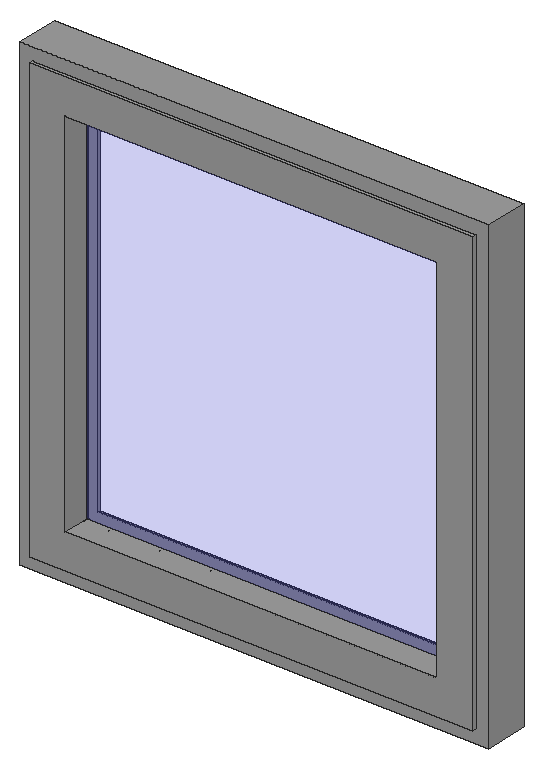
Revit family "3375 IP001_v02", category Windows, host Wall, Revit 2015
Parameters
  Wall Thickness [instance] = 0' - 6"
  URL = "obe.com"
  Rough Width = Width + 0' 0 1/2"  # 3' - 0 1/2"
  Rough Height = Height + 0' 0 1/2"  # 3' - 0 1/2"
  Offset Limitation [instance] = if((Offset + 0' 3 3/8") > Wall Thickness, (Wall Thickness - 0' 3 3/8"), Offset)  # 0' - 0"
  Offset [instance] = 0' - 0"
  Model = "3375 IP001"
  Manufacturer = "Oldcastle BuildingEnvelope®\r\nⓇ"
  Keynote = "08 51 00"
  Height = 3' - 0"
  Glass Material = Glass
  Gasket Material = Gasket
  Frame Material = Aluminum
  Description = "SIGNATURE SERIES 3375"
  Default Sill Height = 3' - 0"
  Wall Closure = By host
  Width = 3' - 0"
  Assembly Code = "B2020"
Reference planes (in)
  plane 1 "Center (Front/Back)": y = 0
  plane 2: z = 0
  plane 3 "Center (Left/Right)": x = 0
  plane 4 "Left": x = -18.25
  plane 5 "Right": x = 18.25
  plane 6 "Sill": z = 36
  plane 7 "Top": z = 72.5
  plane 8: x = 18
  plane 9: x = -18
  plane 10: z = 72.25
  plane 11: z = 36.25
  plane 12 "Offset": y = 3
  plane 13: z = 38.92815
  plane 14: z = 69.57185
  plane 15 "INT": y = 1.51
Forms (in)
  Sweep 1, solid, material "Aluminum" <- "Frame Material"
    path origin (0, 3, 0) x (1, 0, 0) y (0, 0, 1)
      loop
        line (-18, 72.5) -> (-18, 36)
    profile origin (-18, 3, 54.25) x (0, -1, 0) y (1, 0, 0)
      loop
        line (0, -0.25) -> (3.375, -0.25) -> (3.375, 1) -> (0.07, 1) -> (0.07, 2) -> (0, 2) -> (0, -0.25)
  Sweep 2, solid, material "Aluminum" <- "Frame Material"
    path origin (0, 3, 0) x (1, 0, 0) y (0, 0, 1)
      loop
        line (18, 72.5) -> (18, 36)
    profile origin (18, 3, 54.25) x (0, -1, 0) y (1, 0, 0)
      loop
        line (0, 0.25) -> (0, -2) -> (0.07, -2) -> (0.07, -1) -> (3.375, -1) -> (3.375, 0.25) -> (0, 0.25)
  Sweep 3, solid, material "Aluminum" <- "Frame Material"
    path origin (0, 3, 0) x (1, 0, 0) y (0, 0, 1)
      loop
        line (18.25, 72.25) -> (-18.25, 72.25)
    profile origin (0, 3, 72.25) x (0, 0, -1) y (0, -1, 0)
      loop
        line (-0.25, 0) -> (2, 0) -> (2, 0.07) -> (1, 0.07) -> (1, 3.375) -> (-0.25, 3.375) -> (-0.25, 0)
  Sweep 4, solid, material "Aluminum" <- "Frame Material"
    path origin (0, 3, 0) x (1, 0, 0) y (0, 0, 1)
      loop
        line (18.25, 36.25) -> (-18.25, 36.25)
    profile origin (0, 3, 36.25) x (0, 0, -1) y (0, -1, 0)
      loop
        line (0.25, 0) -> (0.25, 3.375) -> (-1, 3.375) -> (-1, 0.07) -> (-2, 0.07) -> (-2, 0) -> (0.25, 0)
  Extrusion 5, solid, material "Glass" <- "Glass Material"
    sketch origin (0, 0, 36) x (0, -1, 0) y (1, 0, 0)
      loop
        line (-2.51, -15.32185) -> (-1.51, -15.32185) -> (-1.51, 15.32185) -> (-2.51, 15.32185) -> (-2.51, -15.32185)
    from 2.92815 to 33.57185
  Sweep 6, solid, material "Gasket" <- "Gasket Material", detail levels fine
    path origin (0, 3, 0) x (1, 0, 0) y (0, 0, 1)
      loop
        line (-14.5, 68.75) -> (-14.5, 39.75) -> (14.5, 39.75) -> (14.5, 68.75) -> (-14.5, 68.75)
    profile origin (0, 3, 68.75) x (0, 0, 1) y (0, -1, 0)
      loop
        line (0.24601, 1.615) -> (0.10771, 1.615)
        arc (0.10771, 1.615) -> (0.06234, 1.55084) -> (0.11208, 1.49) r 0.06489
        line (0.11208, 1.49) -> (0.23764, 1.49)
        arc (0.23764, 1.49) -> (0.2875, 1.54944) -> (0.24601, 1.615) r 0.06575
  Sweep 7, solid, material "Aluminum" <- "Frame Material"
    path origin (0, 3, 0) x (1, 0, 0) y (0, 0, 1)
      loop
        line (17.24054, 72.5) -> (-17.24054, 72.5)
    profile origin (0, 3, 72.5) x (0, 0, -1) y (0, -1, 0)
      loop
        line (2.375, 0.11312) -> (2.375, 0) -> (2.67815, 0) -> (2.67815, 0.33) -> (3.75, 0.33) -> (3.75, 0.49) -> (2.92815, 0.49) -> (2.92815, 1.6135) -> (3.75, 1.6135) -> (3.75, 3.705) -> (1.00946, 3.705) -> (1.00946, 3.375) -> (1.71812, 3.375) -> (1.71812, 0.11312) -> (2.375, 0.11312)
  Sweep 8, solid, material "Aluminum" <- "Frame Material"
    path origin (0, 3, 0) x (1, 0, 0) y (0, 0, 1)
      loop
        line (17.24054, 36) -> (-17.24054, 36)
    profile origin (0, 3, 36) x (0, 0, -1) y (0, -1, 0)
      loop
        line (-3.75, 0.33) -> (-2.67815, 0.33) -> (-2.67815, 0) -> (-2.375, 0) -> (-2.375, 0.11312) -> (-1.71812, 0.11312) -> (-1.71812, 3.375) -> (-1.00946, 3.375) -> (-1.00946, 3.705) -> (-3.75, 3.705) -> (-3.75, 1.615) -> (-2.92815, 1.615) -> (-2.92815, 0.49) -> (-3.75, 0.49) -> (-3.75, 0.33)
  Sweep 9, solid, material "Aluminum" <- "Frame Material"
    path origin (0, 3, 0) x (1, 0, 0) y (0, 0, 1)
      loop
        line (-18, 71.49054) -> (-18, 37.71812)
    profile origin (-18, 3, 54.60433) x (0, -1, 0) y (1, 0, 0)
      loop
        line (3.705, 3.5) -> (1.615, 3.5) -> (1.615, 2.67815) -> (0.49, 2.67815) -> (0.49, 3.5) -> (0.33, 3.5) -> (0.33, 2.42815) -> (0, 2.42815) -> (0, 2.125) -> (0.11312, 2.125) -> (0.11312, 1.46812) -> (3.375, 1.46812) -> (3.375, 0.75946) -> (3.705, 0.75946) -> (3.705, 3.5)
  Sweep 10, solid, material "Aluminum" <- "Frame Material"
    path origin (0, 3, 0) x (1, 0, 0) y (0, 0, 1)
      loop
        line (18, 71.49054) -> (18, 37.71812)
    profile origin (18, 3, 54.60433) x (0, -1, 0) y (1, 0, 0)
      loop
        line (1.615, -3.5) -> (3.705, -3.5) -> (3.705, -0.75946) -> (3.375, -0.75946) -> (3.375, -1.46812) -> (0.11312, -1.46812) -> (0.11312, -2.125) -> (0, -2.125) -> (0, -2.42815) -> (0.33, -2.42815) -> (0.33, -3.5) -> (0.49, -3.5) -> (0.49, -2.67815) -> (1.615, -2.67815) -> (1.615, -3.5)
  Sweep 11, void
    path origin (0, 3, 0) x (1, 0, 0) y (0, 0, 1)
      loop
        line (-18, 70.125) -> (-18, 38.375)
    profile origin (-18, 3, 54.25) x (0, -1, 0) y (1, 0, 0)
      loop
        line (0, 2) -> (0.11312, 2) -> (0.11312, 2.125) -> (0, 2.125) -> (0, 2)
  Sweep 12, void
    path origin (0, 3, 0) x (1, 0, 0) y (0, 0, 1)
      loop
        line (15.875, 36.25) -> (-15.875, 36.25)
    profile origin (0, 3, 36.25) x (0, 0, -1) y (0, -1, 0)
      loop
        line (-2, 0) -> (-2, 0.11312) -> (-2.125, 0.11312) -> (-2.125, 0) -> (-2, 0)
  Sweep 13, void
    path origin (0, 3, 0) x (1, 0, 0) y (0, 0, 1)
      loop
        line (18, 38.375) -> (18, 70.125)
    profile origin (18, 3, 54.25) x (-1, 0, 0) y (0, -1, 0)
      loop
        line (2, 0) -> (2.125, 0) -> (2.125, 0.11312) -> (2, 0.11312) -> (2, 0)
  Sweep 14, void
    path origin (0, 3, 0) x (1, 0, 0) y (0, 0, 1)
      loop
        line (16, 72.25) -> (-16, 72.25)
    profile origin (0, 3, 72.25) x (0, 0, -1) y (0, -1, 0)
      loop
        line (2, 0) -> (2.125, 0) -> (2.125, 0.11312) -> (2, 0.11312) -> (2, 0)
Cuts and joins
  Sweep 11, Sweep 12, Sweep 13, Sweep 14 cuts Sweep 1
  Sweep 11, Sweep 12, Sweep 13, Sweep 14 cuts Sweep 2
  Sweep 11, Sweep 12, Sweep 13, Sweep 14 cuts Sweep 3
  Sweep 11, Sweep 12, Sweep 13, Sweep 14 cuts Sweep 4
  Sweep 11, Sweep 12, Sweep 13, Sweep 14 cuts Sweep 7
  Sweep 11, Sweep 12, Sweep 13, Sweep 14 cuts Sweep 8
  Sweep 11, Sweep 12, Sweep 13, Sweep 14 cuts Sweep 9
  Sweep 11, Sweep 12, Sweep 13, Sweep 14 cuts Sweep 10
  joined: Sweep 1, Sweep 2, Sweep 3, Sweep 4, Sweep 7, Sweep 8, Sweep 9, Sweep 10
Lines and regions (in)
  Opening 1
    outline origin (-60, -3, 0) x (1, 0, 0) y (0, 0, 1)
      loop
        line (41.75, 72.5) -> (41.75, 36) -> (78.25, 36) -> (78.25, 72.5) -> (41.75, 72.5)
  model lines, style "Opening Direction"
    curve 1: line (14.5, 1.51, 68.75) -> (0, 1.51, 39.75)
    curve 2: line (0, 1.51, 39.75) -> (-14.5, 1.51, 68.75)
Text (in)
  text "EXTERIOR" at (-58.6888, 50.90694, 0), in view "Ref. Level"
  text "INTERIOR" at (-58.6888, -37.76638, 0), in view "Ref. Level"
  text "Exterior" at (0, 43.65631, 123.19604), in view "Left"
  text "Exterior" at (0, 18.29385, 125.04747), in view "Right"
  text "Min Operable Size\n\n18\" width x 22\" height\n\n\n\nMax Operable Size\n\n72\" x 48\"\n\n\n\nMax Operable Area\n\n20 square feet" at (125.54858, 73.50639, 0), in view "Ref. Level"
Dimensions and locks (in)
  equal spacing: plane 4 "Left", plane 3 "Center (Left/Right)", plane 5 "Right"
  "Rough Height": plane 6 "Sill" to plane 7 "Top"
  "Default Sill Height": plane 2 to plane 6 "Sill"
  locked: plane 6 "Sill" to plane 11 at 0.25
  locked: plane 8 to plane 5 "Right" at 0.25
  "Height": plane 11 to plane 10
  "Offset Limitation": plane 12 "Offset" to host wall
  "Wall Thickness": host wall to host wall
  "Width": plane 9 to plane 8
  "Rough Width": plane 4 "Left" to plane 5 "Right"
  Extrusion 5 sketch curve to Extrusion 5 sketch curve to plane 12 "Offset" = 0' - 1" locked, 0' - 0.49" locked
  locked: plane 10 to plane 14 at 2.67815
  locked: plane 13 to plane 11 at 2.67815
  locked: plane 15 "INT" to plane 12 "Offset" at 1.49
  aligned and locked: plane 7 "Top" to Opening 1 sketch curve
  aligned and locked: plane 6 "Sill" to Opening 1 sketch curve  (x2)
  aligned and locked: plane 5 "Right" to Opening 1 sketch curve
  aligned and locked: plane 4 "Left" to Opening 1 sketch curve
  aligned and locked: level to plane 2
  aligned and locked: plane 11 to nested 2
  aligned and locked: Sweep 2 sketch curve to plane 8
  aligned and locked: Sweep 1 sketch curve to plane 9
  aligned and locked: plane 10 to Sweep 3 sketch curve
  aligned and locked: plane 11 to Sweep 4 sketch curve
  aligned and locked: Extrusion 5 to plane 13
  aligned and locked: plane 14 to Extrusion 5
  aligned and locked: plane 3 "Center (Left/Right)" to nested 2
  aligned and locked: plane 12 "Offset" to nested 2
  aligned and locked: plane 3 "Center (Left/Right)" to nested 1
  aligned and locked: plane 12 "Offset" to nested 1
  aligned and locked: plane 7 "Top" to Sweep 7 sketch curve
  aligned and locked: Sweep 9 sketch curve to plane 9
  aligned and locked: Sweep 10 sketch curve to plane 8
  aligned and locked: Sweep 11 sketch curve to plane 9
  aligned and locked: plane 11 to Sweep 12 sketch curve
  aligned and locked: plane 8 to Sweep 13 sketch curve
  aligned and locked: plane 10 to Sweep 14 sketch curve
  aligned and locked: plane 3 "Center (Left/Right)" to curve 1
Automatic sketch dimensions
  Sweep 1 sketch curve to plane 6 "Sill" = 0' - 0"
  Sweep 1 sketch curve to plane 7 "Top" = 0' - 0"
  plane 12 "Offset" to Sweep 1 sketch curve = 0' - 0"
  profile plane to Sweep 1 sketch curve = 0' - 0 1/4"
  Sweep 2 sketch curve to plane 6 "Sill" = 0' - 0"
  Sweep 2 sketch curve to plane 7 "Top" = 0' - 0"
  profile plane to Sweep 2 sketch curve = 0' - 2"
  Sweep 2 sketch curve to profile plane = 0' - 0 1/4"
  plane 4 "Left" to Sweep 3 sketch curve = 0' - 0"
  plane 5 "Right" to Sweep 3 sketch curve = 0' - 0"
  profile plane to Sweep 3 sketch curve = 0' - 0 1/4"
  plane 4 "Left" to Sweep 4 sketch curve = 0' - 0"
  plane 5 "Right" to Sweep 4 sketch curve = 0' - 0"
  Extrusion 5 sketch curve to plane 9 = 0' - 2.67815"
  plane 8 to Extrusion 5 sketch curve = 0' - 2.67815"
  plane 13 to Sweep 6 sketch curve = 0' - 0.82185"
  Sweep 6 sketch curve to plane 9 = 0' - 3 1/2"
  plane 8 to Sweep 6 sketch curve = 0' - 3 1/2"
  Sweep 6 sketch curve to plane 14 = 0' - 0.82185"
  Sweep 6 sketch curve to profile plane = 0' - 0.11208"
  Sweep 6 sketch curve to Sweep 6 sketch curve = 0' - 0.01512"
  Sweep 6 sketch curve to Sweep 6 sketch curve = 0' - 0.0947"
  Sweep 6 sketch curve to Sweep 6 sketch curve = 0' - 0.01575"
  plane 12 "Offset" to Sweep 6 sketch curve = 0' - 1.49"
  Sweep 6 sketch curve to Sweep 6 sketch curve = 0' - 0.0631"
  Sweep 6 sketch curve to Sweep 6 sketch curve = 0' - 0.01948"
  Sweep 6 sketch curve to Sweep 6 sketch curve = 0' - 0.02412"
  plane 12 "Offset" to Sweep 2 sketch curve = 0' - 0.07"
  Sweep 2 sketch curve to Sweep 2 sketch curve = 0' - 3.305"
  profile plane to Sweep 2 sketch curve = 0' - 1"
  plane 12 "Offset" to Sweep 2 sketch curve = 0' - 0"
  plane 12 "Offset" to Sweep 1 sketch curve = 0' - 0.07"
  Sweep 1 sketch curve to profile plane = 0' - 1"
  Sweep 1 sketch curve to Sweep 1 sketch curve = 0' - 1"
  Sweep 1 sketch curve to Sweep 1 sketch curve = 0' - 3.305"
  Sweep 3 sketch curve to profile plane = 0' - 1"
  plane 12 "Offset" to Sweep 3 sketch curve = 0' - 0.07"
  Sweep 3 sketch curve to Sweep 3 sketch curve = 0' - 3.305"
  Sweep 3 sketch curve to plane 12 "Offset" = 0' - 0"
  Sweep 3 sketch curve to Sweep 3 sketch curve = 0' - 1"
  Sweep 7 sketch curve to plane 9 = 0' - 0.75946"
  plane 8 to Sweep 7 sketch curve = 0' - 0.75946"
  Sweep 7 sketch curve to plane 12 "Offset" = 0' - 0"
  Sweep 7 sketch curve to profile plane = 0' - 1.00946"
  Sweep 7 sketch curve to Sweep 7 sketch curve = 0' - 0.70866"
  Sweep 7 sketch curve to Sweep 7 sketch curve = 0' - 0.65688"
  Sweep 7 sketch curve to Sweep 7 sketch curve = 0' - 0.30315"
  Sweep 7 sketch curve to Sweep 7 sketch curve = 0' - 0 1/4"
  Sweep 7 sketch curve to Sweep 7 sketch curve = 0' - 0.82185"  (x2)
  plane 12 "Offset" to Sweep 7 sketch curve = 0' - 0.33"
  plane 12 "Offset" to Sweep 7 sketch curve = 0' - 0.11312"
  Sweep 7 sketch curve to Sweep 7 sketch curve = 0' - 0.16"
  Sweep 7 sketch curve to Sweep 7 sketch curve = 0' - 1.1235"
  Sweep 7 sketch curve to Sweep 7 sketch curve = 0' - 1.7615"
  Sweep 7 sketch curve to Sweep 7 sketch curve = 0' - 0.33"
  Sweep 8 sketch curve to plane 4 "Left" = 0' - 1.00946"
  plane 5 "Right" to Sweep 8 sketch curve = 0' - 1.00946"
  Sweep 8 sketch curve to plane 6 "Sill" = 0' - 0"
  plane 12 "Offset" to Sweep 8 sketch curve = 0' - 0.33"
  Sweep 8 sketch curve to Sweep 8 sketch curve = 0' - 0"
  Sweep 8 sketch curve to Sweep 8 sketch curve = 0' - 0.82185"
  Sweep 8 sketch curve to Sweep 8 sketch curve = 0' - 0 1/4"
  profile plane to Sweep 8 sketch curve = 0' - 1.71812"
  Sweep 8 sketch curve to Sweep 8 sketch curve = 0' - 0.70866"
  Sweep 8 sketch curve to Sweep 8 sketch curve = 0' - 0.16"
  Sweep 8 sketch curve to Sweep 8 sketch curve = 0' - 1 1/8"
  Sweep 8 sketch curve to Sweep 8 sketch curve = 0' - 1.76"
  Sweep 8 sketch curve to Sweep 8 sketch curve = 0' - 0.33"
  Sweep 8 sketch curve to Sweep 8 sketch curve = 0' - 0.30315"
  profile plane to Sweep 8 sketch curve = 0' - 2 3/8"
  Sweep 8 sketch curve to Sweep 8 sketch curve = 0' - 0.11312"
  Sweep 8 sketch curve to plane 12 "Offset" = 0' - 0"
  Sweep 4 sketch curve to plane 12 "Offset" = 0' - 0"
  profile plane to Sweep 4 sketch curve = 0' - 2"
  plane 12 "Offset" to Sweep 4 sketch curve = 0' - 0.07"
  profile plane to Sweep 4 sketch curve = 0' - 1"
  Sweep 4 sketch curve to profile plane = 0' - 0 1/4"
  Sweep 4 sketch curve to Sweep 4 sketch curve = 0' - 3.305"
  Sweep 9 sketch curve to plane 13 = 0' - 1.21003"
  plane 10 to Sweep 9 sketch curve = 0' - 0.75946"
  plane 12 "Offset" to Sweep 9 sketch curve = 0' - 0"
  plane 12 "Offset" to Sweep 9 sketch curve = 0' - 0.11312"
  Sweep 9 sketch curve to Sweep 9 sketch curve = 0' - 0.33"  (x2)
  Sweep 9 sketch curve to Sweep 9 sketch curve = 0' - 0.16"
  Sweep 9 sketch curve to Sweep 9 sketch curve = 0' - 1 1/8"
  Sweep 9 sketch curve to profile plane = 0' - 0.75946"
  Sweep 9 sketch curve to Sweep 9 sketch curve = 0' - 1.76"
  Sweep 9 sketch curve to Sweep 9 sketch curve = 0' - 0.70866"
  Sweep 9 sketch curve to Sweep 9 sketch curve = 0' - 0.65688"
  Sweep 9 sketch curve to Sweep 9 sketch curve = 0' - 0.30315"
  Sweep 9 sketch curve to Sweep 9 sketch curve = 0' - 0 1/4"
  Sweep 9 sketch curve to Sweep 9 sketch curve = 0' - 0.82185"  (x2)
  Sweep 10 sketch curve to plane 13 = 0' - 1.21003"
  plane 10 to Sweep 10 sketch curve = 0' - 0.75946"
  plane 12 "Offset" to Sweep 10 sketch curve = 0' - 0"
  plane 12 "Offset" to Sweep 10 sketch curve = 0' - 0.11312"
  Sweep 10 sketch curve to Sweep 10 sketch curve = 0' - 0.33"  (x2)
  Sweep 10 sketch curve to Sweep 10 sketch curve = 0' - 0.16"
  Sweep 10 sketch curve to Sweep 10 sketch curve = 0' - 1 1/8"
  profile plane to Sweep 10 sketch curve = 0' - 0.75946"
  Sweep 10 sketch curve to Sweep 10 sketch curve = 0' - 1.76"
  profile plane to Sweep 10 sketch curve = 0' - 1.46812"
  Sweep 10 sketch curve to Sweep 10 sketch curve = 0' - 0.65688"
  Sweep 10 sketch curve to Sweep 10 sketch curve = 0' - 0.30315"
  Sweep 10 sketch curve to Sweep 10 sketch curve = 0' - 0 1/4"
  Sweep 10 sketch curve to Sweep 10 sketch curve = 0' - 0.82185"  (x2)
  plane 12 "Offset" to Sweep 11 sketch curve = 0' - 0"
  plane 12 "Offset" to Sweep 11 sketch curve = 0' - 0.11312"
  Sweep 11 sketch curve to profile plane = 0' - 2"
  Sweep 11 sketch curve to Sweep 11 sketch curve = 0' - 0 1/8"
  Sweep 11 sketch curve to plane 13 = 0' - 0.55315"
  plane 14 to Sweep 11 sketch curve = 0' - 0.55315"
  Sweep 12 sketch curve to plane 9 = 0' - 2 1/8"
  plane 8 to Sweep 12 sketch curve = 0' - 2 1/8"
  Sweep 12 sketch curve to plane 12 "Offset" = 0' - 0"
  profile plane to Sweep 12 sketch curve = 0' - 2 1/8"
  Sweep 12 sketch curve to Sweep 12 sketch curve = 0' - 0 1/8"
  plane 12 "Offset" to Sweep 12 sketch curve = 0' - 0.11312"
  Sweep 13 sketch curve to plane 13 = 0' - 0.55315"
  plane 10 to Sweep 13 sketch curve = 0' - 2 1/8"
  plane 12 "Offset" to Sweep 13 sketch curve = 0' - 0"
  plane 12 "Offset" to Sweep 13 sketch curve = 0' - 0.11312"
  Sweep 13 sketch curve to profile plane = 0' - 2"
  Sweep 13 sketch curve to Sweep 13 sketch curve = 0' - 0 1/8"
  Sweep 14 sketch curve to plane 9 = 0' - 2"
  plane 8 to Sweep 14 sketch curve = 0' - 2"
  Sweep 14 sketch curve to plane 12 "Offset" = 0' - 0"
  plane 12 "Offset" to Sweep 14 sketch curve = 0' - 0.11312"
  Sweep 14 sketch curve to profile plane = 0' - 2"
  Sweep 14 sketch curve to Sweep 14 sketch curve = 0' - 0 1/8"
  plane 13 to curve 1 = 0' - 0.82185"
  curve 2 to plane 14 = 0' - 0.82185"
  curve 2 to plane 9 = 0' - 3 1/2"
  curve 1 to plane 14 = 0' - 0.82185"
  plane 8 to curve 1 = 0' - 3 1/2"
Nested families (in)
  nested 1: "S-3375 LAP-Plan View" at (0, 3, 0), Default Sill Height <- "Default Sill Height", Height <- "Height", Width <- "Width", type "S-3375 LAP-Plan View"
    with Width 3' - 0", Height 3' - 0", Default Sill Height 3' - 0"
  nested 2: "S-3375 LAP-Section Operable" at (0, 3, 0.25), Default Sill Height <- "Default Sill Height", Height <- "Height", Width <- "Width", type "S-3375 LAP-Section Operable"
    with Width 3' - 0", Height 3' - 0", Default Sill Height 3' - 0"
Definition of nested family "S-3375 LAP-Plan View"
  Parameters (values of type "S-3375 LAP-Plan View")
    Width [instance] = 3' - 0"
    Height [instance] = 4' - 0"
    Default Sill Height [instance] = 3' - 0"
    Analytic Construction = "<None>"
  Reference planes (in)
    plane 1 "Center (Front/Back)": y = 0
    plane 2: z = 0
    plane 3 "Center (Left/Right)": x = 0
    plane 4: z = 36
  Lines and regions (in)
    model lines, not visible
      curve 1: line (0, 0, 36) -> (0, 0, 84)
  Dimensions and locks (in)
    "Default Sill Height": plane 4 to plane 2
    "Height": plane 4 to curve 1
    aligned and locked: plane 2 to level
    aligned and locked: plane 3 "Center (Left/Right)" to nested 1
    aligned and locked: plane 1 "Center (Front/Back)" to nested 1
  Automatic sketch dimensions
    curve 1 to plane 1 "Center (Front/Back)" = 0' - 0"
    plane 4 to curve 1 = 0' - 0"
  Nested families (in)
    nested 1: "S-3375 LAP-Plan View" at (-12, 0, 0), Width <- "Width", type "S-3375 LAP-Plan View"
      with Width 3' - 0"
  Definition of nested family "S-3375 LAP-Plan View"
    Parameters (values of type "S-3375 LAP-Plan View")
      Width [instance] = 2' - 0"
    Reference planes (in)
      plane 1 "Center (Front/Back)": y = 0
      plane 2: z = 0
      plane 3 "C": x = 0
      plane 4: x = 24
      plane 5: x = 21.32185
      plane 6: x = 2.67815
      plane 7 "Center (Left/Right)": x = 12
    Lines and regions (in)
      detail lines, in view "Ref. Level"
        curve 1: line (21.32185, -0.49, 0) -> (2.67815, -0.49, 0)
        curve 2: line (2.67815, -1.49, 0) -> (21.32185, -1.49, 0)
    Dimensions and locks (in)
      "Width": plane 3 "C" to plane 4
      locked: plane 3 "C" to plane 6 at 2.67815
      locked: plane 5 to plane 4 at 2.67815
      equal spacing: plane 3 "C", plane 7 "Center (Left/Right)", plane 4
      aligned and locked: nested 1 to plane 4
      aligned and locked: nested 1 to plane 1 "Center (Front/Back)"
      aligned and locked: nested 2 to plane 3 "C"
      aligned and locked: nested 2 to plane 1 "Center (Front/Back)"
      aligned and locked: plane 5 to curve 2
      aligned and locked: plane 5 to curve 1
      aligned and locked: plane 6 to curve 1
      aligned and locked: plane 6 to curve 2
    Automatic sketch dimensions
      plane 1 "Center (Front/Back)" to curve 2 = 0' - 1.49"
      plane 1 "Center (Front/Back)" to curve 1 = 0' - 0.49"
    Nested families (in)
      nested 1: "S-3375 LAP-JAMB L" at (24, 0, 0) x (-1, 0, 0) z (0, 0, 1), type "S-3375 LAP-JAMB L", in view "Ref. Level"
      nested 2: "S-3375 LAP-JAMB R" at (0, 0, 0) x (-1, 0, 0) z (0, 0, 1), type "S-3375 LAP-JAMB R", in view "Ref. Level"
    Definition of nested family "S-3375 LAP-JAMB L"
      Reference planes (in)
        plane 1 "Center (Front/Back)": y = 0
        plane 2: z = 0
        plane 3 "Center (Left/Right)": x = 0
      Lines and regions (in)
        detail lines, in view "Ref. Level"
          curve 1: line (3.5, 3.705, 0) -> (0.75946, 3.705, 0)
          curve 2: line (0.75946, 3.705, 0) -> (0.75946, 3.375, 0)
          curve 3: line (0.75946, 3.375, 0) -> (-0.25, 3.375, 0)
          curve 4: line (-0.25, 3.375, 0) -> (-0.25, 0, 0)
          curve 5: line (-0.25, 0, 0) -> (2.42815, 0, 0)
          curve 6: line (2.42815, 0, 0) -> (2.42815, 0.33, 0)
          curve 7: line (2.42815, 0.33, 0) -> (3.5, 0.33, 0)
          curve 8: line (3.5, 0.33, 0) -> (3.5, 0.49, 0)
          curve 9: line (3.5, 0.49, 0) -> (2.67815, 0.49, 0)
          curve 10: line (2.67815, 0.49, 0) -> (2.67815, 1.49, 0)
          curve 11: line (2.67815, 1.49, 0) -> (3.5, 1.49, 0)
          curve 12: line (3.5, 1.49, 0) -> (3.5, 3.705, 0)
    Definition of nested family "S-3375 LAP-JAMB R"
      Reference planes (in)
        plane 1 "Center (Front/Back)": y = 0
        plane 2: z = 0
        plane 3 "Center (Left/Right)": x = 0
      Lines and regions (in)
        detail lines, in view "Ref. Level"
          curve 1: line (-3.5, 3.705, 0) -> (-0.75946, 3.705, 0)
          curve 2: line (-0.75946, 3.705, 0) -> (-0.75946, 3.375, 0)
          curve 3: line (-0.75946, 3.375, 0) -> (0.25, 3.375, 0)
          curve 4: line (0.25, 3.375, 0) -> (0.25, 0, 0)
          curve 5: line (0.25, 0, 0) -> (-2.42815, 0, 0)
          curve 6: line (-2.42815, 0, 0) -> (-2.42815, 0.33, 0)
          curve 7: line (-2.42815, 0.33, 0) -> (-3.5, 0.33, 0)
          curve 8: line (-3.5, 0.33, 0) -> (-3.5, 0.49, 0)
          curve 9: line (-3.5, 0.49, 0) -> (-2.67815, 0.49, 0)
          curve 10: line (-2.67815, 0.49, 0) -> (-2.67815, 1.49, 0)
          curve 11: line (-2.67815, 1.49, 0) -> (-3.5, 1.49, 0)
          curve 12: line (-3.5, 1.49, 0) -> (-3.5, 3.705, 0)
Definition of nested family "S-3375 LAP-Section Operable"
  Parameters (values of type "S-3375 LAP-Section Operable")
    Width [instance] = 3' - 0"
    Rough Width = 3' - 0"
    Height [instance] = 3' - 0"
    Default Sill Height [instance] = 3' - 0"
    Analytic Construction = "<None>"
  Reference planes (in)
    plane 1 "Center (Front/Back)": y = 0
    plane 2: z = 0
    plane 3 "Center (Left/Right)": x = 0
    plane 4: z = 36
  Lines and regions (in)
    model lines, not visible
      curve 1: line (-18, 0, 0) -> (18, 0, 0)
  Dimensions and locks (in)
    equal spacing: curve 1, plane 3 "Center (Left/Right)", curve 1
    "Width": curve 1 to curve 1
    "Default Sill Height": plane 4 to plane 2
    aligned and locked: plane 2 to level
    aligned and locked: plane 1 "Center (Front/Back)" to curve 1
    aligned and locked: nested 1 to plane 4
    aligned and locked: nested 1 to plane 1 "Center (Front/Back)"
  Nested families (in)
    nested 1: "S-3375 LAP-Section Operable" at (0, 0, 36) x (0, -1, 0) z (1, 0, 0), Height <- "Height", type "S-3375 LAP-Section Operable"
      with Height 3' - 0"
  Definition of nested family "S-3375 LAP-Section Operable"
    Parameters (values of type "S-3375 LAP-Section Operable")
      Height [instance] = 3' - 0"
    Reference planes (in)
      plane 1 "Center (Front/Back)": y = 0
      plane 2: z = 0
      plane 3 "Center (Left/Right)": x = 0
      plane 4: y = 36
      plane 5: y = 33.32185
      plane 6: y = 2.67815
    Lines and regions (in)
      detail lines, in view "Ref. Level"
        curve 1: line (0.49, 2.67815, 0) -> (0.49, 33.32185, 0)
        curve 2: line (1.49, 2.67815, 0) -> (1.49, 33.32185, 0)
    Dimensions and locks (in)
      "Height": plane 1 "Center (Front/Back)" to plane 4
      locked: plane 6 to plane 1 "Center (Front/Back)" at 2.67815
      locked: plane 4 to plane 5 at 2.67815
      aligned and locked: plane 1 "Center (Front/Back)" to nested 1
      aligned and locked: plane 3 "Center (Left/Right)" to nested 1
      aligned and locked: plane 3 "Center (Left/Right)" to nested 2
      aligned and locked: nested 2 to plane 4
      aligned and locked: plane 5 to curve 1
      aligned and locked: plane 5 to curve 2
      aligned and locked: plane 6 to curve 2
      aligned and locked: plane 6 to curve 1
    Automatic sketch dimensions
      plane 3 "Center (Left/Right)" to curve 1 = 0' - 0.49"
      plane 3 "Center (Left/Right)" to curve 2 = 0' - 1.49"
    Nested families (in)
      nested 1: "S-3375 LAP-SILL" at (0, 0, 0), type "S-3375 LAP-SILL", in view "Ref. Level"
      nested 2: "S-3375 LAP-HEAD" at (0, 36, 0), type "S-3375 LAP-HEAD", in view "Ref. Level"
    Definition of nested family "S-3375 LAP-SILL"
      Reference planes (in)
        plane 1 "Center (Front/Back)": y = 0
        plane 2: z = 0
        plane 3 "Center (Left/Right)": x = 0
      Lines and regions (in)
        detail lines, in view "Ref. Level"
          curve 1: line (3.705, 0.75946, 0) -> (3.705, 3.5, 0)
          curve 2: line (3.705, 3.5, 0) -> (1.49, 3.5, 0)
          curve 3: line (1.49, 3.5, 0) -> (1.49, 2.67815, 0)
          curve 4: line (1.49, 2.67815, 0) -> (0.49, 2.67815, 0)
          curve 5: line (0.49, 2.67815, 0) -> (0.49, 3.5, 0)
          curve 6: line (0.49, 3.5, 0) -> (0.33, 3.5, 0)
          curve 7: line (0.33, 3.5, 0) -> (0.33, 2.42815, 0)
          curve 8: line (0.33, 2.42815, 0) -> (0, 2.42815, 0)
          curve 9: line (0, 2.42815, 0) -> (0, -0.25, 0)
          curve 10: line (0, -0.25, 0) -> (3.375, -0.25, 0)
          curve 11: line (3.375, -0.25, 0) -> (3.375, 0.75946, 0)
          curve 12: line (3.375, 0.75946, 0) -> (3.705, 0.75946, 0)
    Definition of nested family "S-3375 LAP-HEAD"
      Reference planes (in)
        plane 1 "Center (Front/Back)": y = 0
        plane 2: z = 0
        plane 3 "Center (Left/Right)": x = 0
      Lines and regions (in)
        detail lines, in view "Ref. Level"
          curve 1: line (3.705, -0.75946, 0) -> (3.705, -3.5, 0)
          curve 2: line (3.705, -3.5, 0) -> (1.49, -3.5, 0)
          curve 3: line (1.49, -3.5, 0) -> (1.49, -2.67815, 0)
          curve 4: line (1.49, -2.67815, 0) -> (0.49, -2.67815, 0)
          curve 5: line (0.49, -2.67815, 0) -> (0.49, -3.5, 0)
          curve 6: line (0.49, -3.5, 0) -> (0.33, -3.5, 0)
          curve 7: line (0.33, -3.5, 0) -> (0.33, -2.42815, 0)
          curve 8: line (0.33, -2.42815, 0) -> (0, -2.42815, 0)
          curve 9: line (0, -2.42815, 0) -> (0, 0.25, 0)
          curve 10: line (0, 0.25, 0) -> (3.375, 0.25, 0)
          curve 11: line (3.375, 0.25, 0) -> (3.375, -0.75946, 0)
          curve 12: line (3.375, -0.75946, 0) -> (3.705, -0.75946, 0)
